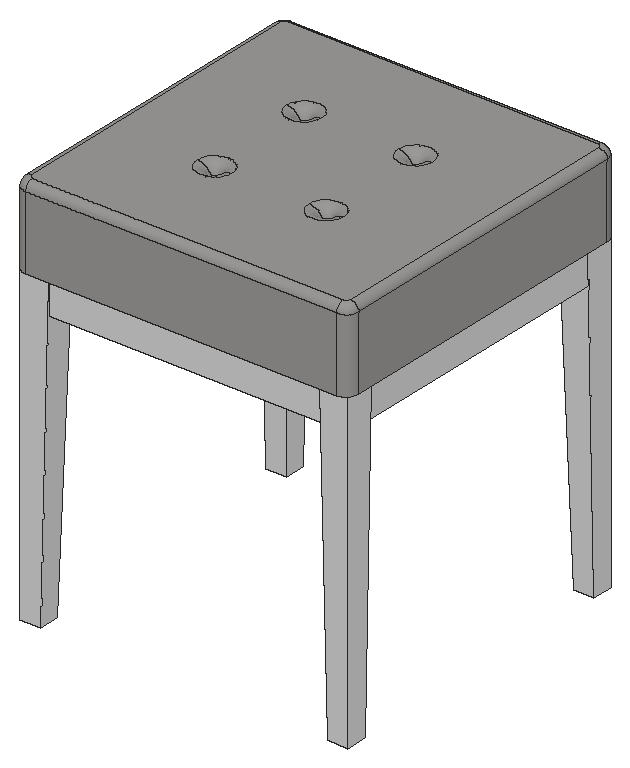
Revit family "FU_Stool_Sandler_POUF 1-3", category Furniture, Revit 2020
Family settings
  OmniClass Number = 23.21.23.15.17
  Work Plane-Based = Yes
  Always vertical = No
  Cut with Voids When Loaded = No
  Shared = No
  Room Calculation Point = No
Parameters (values of type "POUF 1.3")
  Youtube clip = ""
  Uniformat II Description = "Movable Furnishings"
  Uniformat II Code = ""
  Uniclass 2015 Name = ""
  Uniclass 2015 Code = ""
  Uniclass 2.0 Description = ""
  Uniclass 2.0 Code = ""
  Uniclass 1.4 Description = ""
  Uniclass 1.4 Code = ""
  UNSPSC Code = ""
  Technical description = ""
  Shell Material [instance] = Fabric - Gravity - Dove CPC17
  Frame Material [instance] = Wood - Beech - 7047 Light Grey
  Region South America = "All"
  Region Oceania = "All"
  Region North America = "All"
  Region Middle East = "All"
  Region Europe = "All"
  Region Asia = "All"
  Region Antarctica = "All"
  Region Africa = "All"
  QR code = "https://www.sandlerseating.com/product/pouf-1-3/"
  Product url = "https://www.sandlerseating.com/product/pouf-1-3/"
  Product name = "POUF 1.3"
  Product group = "Chair"
  Product family = "Furniture"
  Product data url = "https://www.sandlerseating.com/product/pouf-1-3/"
  Product certification = ""
  Product SKU = "??"
  Product Guid = "??"
  OmniClass Description = ""
  OmniClass Code = "23-21 23 15 17"
  NBS Reference Description = ""
  NBS Reference Code = ""
  Model = "POUF 1.3"
  Masterformat 2014 Description = "Chair Mats"
  Masterformat 2014 Code = "12 48 43.13"
  Manufacturer name = "Sandler"
  Manufacturer country = "USA"
  Manufacturer = "Sandler"
  Installation instructions = ""
  IFC Classification = "Furnishing Element"
  GTIN code = ""
  Edition number = 1
  Design country = "Brasil"
  Description = "Square upholstered footrest with beech frame and generous padding with buttons. Indoor use only."
  Default Elevation = 0.000 mm
  Date of publishing = ""
  COBIe Type Category = ""
  Brand url = "https://www.sandlerseating.com/"
  BIMobject main category code = "furniture"
  BIMobject main category = "Furniture"
  BIMobject category code = "furniture-chair"
  BIMobject category = "Chair"
Reference planes
  plane 1 "Center Front/Back": y = 0
  plane 2: z = 0
  plane 3 "Center Left/Right": x = 0
  plane 4: y = 205
  plane 5: y = -205
  plane 6: y = -68.33
  plane 7: y = 68.33
  plane 8: x = 68.33
  plane 9: x = -68.33
Forms (mm)
  Extrusion 1, solid, material "Fabric - Gravity - Dove CPC17" <- "Shell Material"
    sketch origin (0, 0, 840) x (-1, 0, 0) y (0, -1, 0)
      loop
        arc (190, -205) -> (200.607, -200.607) -> (205, -190) r 15
        line (205, -190) -> (205, 190)
        arc (205, 190) -> (200.607, 200.607) -> (190, 205) r 15
        line (190, 205) -> (-190, 205)
        arc (-190, 205) -> (-200.607, 200.607) -> (-205, 190) r 15
        line (-205, 190) -> (-205, -190)
        arc (-205, -190) -> (-200.607, -200.607) -> (-190, -205) r 15
        line (-190, -205) -> (190, -205)
    from -455 to -355
  Extrusion 2, solid, material "Wood - Beech - 7047 Light Grey" <- "Frame Material"
    sketch origin (0, 0, 840) x (-1, 0, 0) y (0, -1, 0)
      loop
        line (-200, -200) -> (200, -200) -> (200, 200) -> (-200, 200) -> (-200, -200)
      loop
        line (-180, -180) -> (180, -180) -> (180, 180) -> (-180, 180) -> (-180, -180)
    from -495 to -455
  Blend 3, solid, material "Wood - Beech - 7047 Light Grey" <- "Frame Material"
    base sketch origin (4.393, -4.393, 840) x (-1, 0, 0) y (0, -1, 0)
      loop
        line (205, -205) -> (205, -170) -> (170, -170) -> (170, -205) -> (205, -205)
    top sketch origin (4.393, -4.393, 840) x (-1, 0, 0) y (0, -1, 0)
      loop
        line (205, -205) -> (205, -180) -> (180, -180) -> (180, -205) -> (205, -205)
    from -455 to -840
  Blend 4, solid, material "Wood - Beech - 7047 Light Grey" <- "Frame Material"
    base sketch origin (-4.393, -4.393, 840) x (1, 0, 0) y (0, 1, 0)
      loop
        line (205, 205) -> (170, 205) -> (170, 170) -> (205, 170) -> (205, 205)
    top sketch origin (-4.393, -4.393, 840) x (1, 0, 0) y (0, 1, 0)
      loop
        line (205, 205) -> (180, 205) -> (180, 180) -> (205, 180) -> (205, 205)
    from -455 to -840
  Blend 5, solid, material "Wood - Beech - 7047 Light Grey" <- "Frame Material"
    base sketch origin (4.393, 4.393, 840) x (-1, 0, 0) y (0, -1, 0)
      loop
        line (205, 205) -> (170, 205) -> (170, 170) -> (205, 170) -> (205, 205)
    top sketch origin (4.393, 4.393, 840) x (-1, 0, 0) y (0, -1, 0)
      loop
        line (205, 205) -> (180, 205) -> (180, 180) -> (205, 180) -> (205, 205)
    from -455 to -840
  Blend 6, solid, material "Wood - Beech - 7047 Light Grey" <- "Frame Material"
    base sketch origin (-4.393, 4.393, 840) x (1, 0, 0) y (0, 1, 0)
      loop
        line (205, -205) -> (205, -170) -> (170, -170) -> (170, -205) -> (205, -205)
    top sketch origin (-4.393, 4.393, 840) x (1, 0, 0) y (0, 1, 0)
      loop
        line (205, -205) -> (205, -180) -> (180, -180) -> (180, -205) -> (205, -205)
    from -455 to -840
  Sweep 7, void
    path in 3D
      loop
        arc (190, -205, 485) -> (200.607, -200.607, 485) -> (205, -190, 485) r 15
        line (205, -190, 485) -> (205, 190, 485)
        arc (205, 190, 485) -> (200.607, 200.607, 485) -> (190, 205, 485) r 15
        line (190, 205, 485) -> (-190, 205, 485)
        arc (-190, 205, 485) -> (-200.607, 200.607, 485) -> (-205, 190, 485) r 15
        line (-205, 190, 485) -> (-205, -190, 485)
        arc (-205, -190, 485) -> (-200.607, -200.607, 485) -> (-190, -205, 485) r 15
        line (-190, -205, 485) -> (190, -205, 485)
    profile origin (0, -205, 485) x (0, 1, 0) y (0, 0, 1)
      loop
        line (0, 0) -> (0, -10)
        arc (0, -10) -> (2.929, -2.929) -> (10, 0) r 10
        line (10, 0) -> (0, 0)
  Revolve 8, void
    sketch origin (0, 68.33, 0) x (1, 0, 0) y (0, 0, 1)
      loop
        line (68.33, 485) -> (68.33, 472.998) -> (73.33, 472.998)
        arc (73.33, 472.998) -> (79.473, 481.415) -> (89.257, 485) r 17.945
        line (89.257, 485) -> (68.33, 485)
      axis (68.33, 472.998) -> (68.33, 485)
    angle from 0 to 360
  Revolve 9, void
    sketch origin (0, 68.33, 0) x (-1, 0, 0) y (0, 0, 1)
      loop
        line (68.33, 485) -> (68.33, 472.998) -> (73.33, 472.998)
        arc (73.33, 472.998) -> (79.473, 481.415) -> (89.257, 485) r 17.945
        line (89.257, 485) -> (68.33, 485)
      axis (68.33, 472.998) -> (68.33, 485)
    angle from 0 to 360
  Revolve 10, void
    sketch origin (0, -68.33, 0) x (1, 0, 0) y (0, 0, -1)
      loop
        line (68.33, -485) -> (89.257, -485)
        arc (89.257, -485) -> (79.473, -481.415) -> (73.33, -472.998) r 17.945
        line (73.33, -472.998) -> (68.33, -472.998) -> (68.33, -485)
      axis (68.33, -472.998) -> (68.33, -485)
    angle from 0 to 360
  Revolve 11, void
    sketch origin (0, -68.33, 0) x (-1, 0, 0) y (0, 0, 1)
      loop
        line (68.33, 485) -> (68.33, 472.998) -> (73.33, 472.998)
        arc (73.33, 472.998) -> (79.473, 481.415) -> (89.257, 485) r 17.945
        line (89.257, 485) -> (68.33, 485)
      axis (68.33, 472.998) -> (68.33, 485)
    angle from 0 to 360
Cuts and joins
  Sweep 7, Revolve 8, Revolve 9, Revolve 10, Revolve 11 cuts Extrusion 1
Lines and regions (mm)
  sketch lines
    curve 1: line (-190, -205, 485) -> (190, -205, 485)
    curve 2: arc (205, -190, 485) -> (200.607, -200.607, 485) -> (190, -205, 485) r 15
    curve 3: line (205, -190, 485) -> (205, 190, 485)
    curve 4: arc (190, 205, 485) -> (200.607, 200.607, 485) -> (205, 190, 485) r 15
    curve 5: line (190, 205, 485) -> (-190, 205, 485)
    curve 6: arc (-205, 190, 485) -> (-200.607, 200.607, 485) -> (-190, 205, 485) r 15
    curve 7: line (-205, 190, 485) -> (-205, -190, 485)
    curve 8: arc (-190, -205, 485) -> (-200.607, -200.607, 485) -> (-205, -190, 485) r 15
Dimensions and locks
  aligned and locked: level to plane 2
